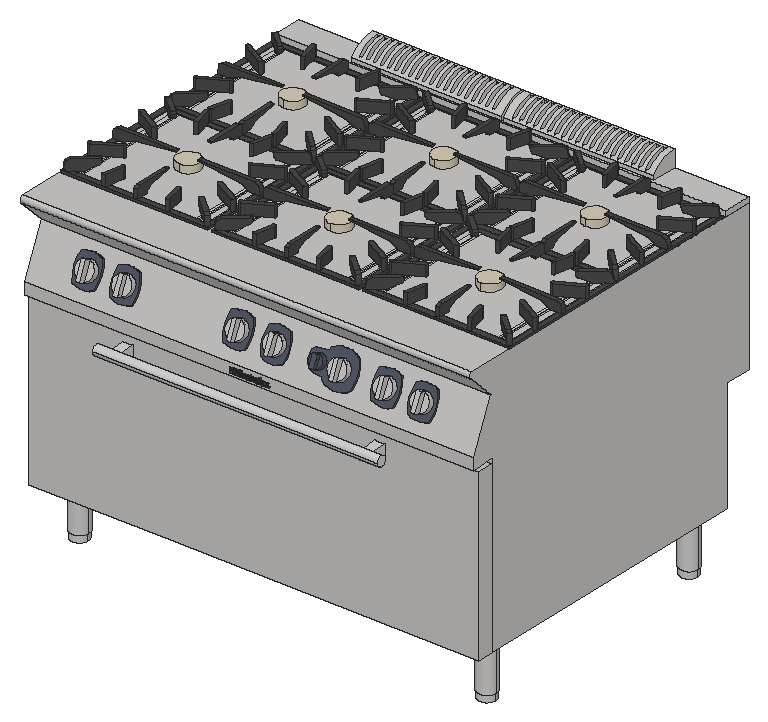
Revit family "QF_ELECTROLUXPROFESSIONAL_391466_E9AAOABJMIE", category Attrezzature speciali, Revit 2018
Family settings
  Quota connettore circolare = Usa diametro
  Tipo di parte = Normale
  Basato su piano di lavoro = No
  Sempre verticale = Sì
  Taglio con vuoti quando caricato = No
  Condiviso = No
  Punto di calcolo locali = No
Parameters (values of type "Standard")
  Weight = 200.00 kg
  Watts = 0 W
  Volts = 0 V
  URL Manufacturer = "https://www.electroluxprofessional.com/"
  URL = "https://www.electroluxprofessional.com/"
  Steam Supply Size = 0"
  Steam Supply Minimum Pressure = 0.00 psi
  Steam Supply Maximum Pressure = 0.00 psi
  Steam Consumption per Hour = 0
  Show Logo [instance] = yes
  Show Clearance [instance] = yes
  Refrigeration Suction Line Size = 0 mm
  Refrigeration Liquid Line Size = 0 mm
  Refrigerant Compressor Remote = yes
  Phase = 0
  Modello = "E9AAOABJMIE"
  Produttore = "Electrolux Professional"
  Length Actual = 1200 mm  # constant formula
  Item Number = "391466"
  Hot Water Size = 0"
  Height Actual = 850 mm  # constant formula
  HP = "0 HP"
  Gas Size = 1/2"
  Gas KW = 72
  Gas Input Pressure = 1.45819 Btu/h
  Direct Waste Size = 0"
  Descrizione = "6-BURNER (10KW) GAS RANGE+LARGE GAS OVEN 1200MM - 3MM WORKTOP"
  Depth Actual = 930 mm  # constant formula
  Cycle = 0 Hz
  Condensate Return Size = 0"
  Compressed Air Volume = 0 GPM
  Compressed Air Size = 0"
  Compressed Air Pressure = 0.00 psi
  Cold Water Size = 0"
  Assembly Code = ""
  Accessory = yes
Values of the unnamed type that differ from the named types
  Weight = 0.00 kg
  URL Manufacturer = ""
  Item Number = ""
  HP = ""
  Gas KW = 0
  Gas Input Pressure = 0.0 Btu/h
Reference planes
  plane 1 "BACK": y = 0
  plane 2: z = 0
  plane 3 "LEFT": x = 0
  plane 4 "RIGHT": x = 1200
  plane 5 "FRONT": y = -700
  plane 6 "TOP": z = 909
  plane 7 "Center Y": x = 600
  plane 8 "Center X": y = -350
  plane 9 "Base": z = 150
  plane 10: z = 850.9
  plane 11: y = -930
  plane 12: y = -1109
  plane 13: y = -128
  plane 14: y = -802
  plane 15: y = -1310
  plane 16: y = -666
  plane 17: x = 56
  plane 18: x = 1144
Forms (mm)
  Extrusion 1, solid, material "QF_Finishes_Stainless Steel"
    sketch origin (0, 0, 0) x (0, 1, 0) y (0, 0, 1)
      loop
        line (0, 450) -> (0, 850.9) -> (-921.37, 850.9)
        arc (-921.37, 850.9) -> (-929.343, 845.573) -> (-927.472, 836.168) r 8.63
        line (-927.472, 836.168) -> (-858.266, 766.833) -> (-915.833, 641.476) -> (-915.833, 610.179) -> (-855.839, 614.875)
        arc (-855.839, 614.875) -> (-853.314, 614.127) -> (-852.222, 611.731) r 3.175
        line (-852.222, 611.731) -> (-852.222, 150) -> (-71, 150) -> (-71, 450) -> (0, 450)
    from 0 to 1200
  Extrusion 2, solid, material "QF_Finishes_Stainless Steel"
    sketch origin (0, -852.222, 611.731) x (0, 0, -1) y (1, 0, 0)
      loop
        line (461.731, 363.774) -> (461.731, 1200) -> (9.61, 1200) -> (9.61, 378.321) -> (9.61, 0) -> (461.731, 0) -> (461.731, 363.774)
    from 3.175 to 47.778
  Extrusion 3, solid, material "QF_Finishes_Stainless Steel"
    sketch origin (0, 0, 0) x (0, -1, 0) y (0, 0, 1)
      loop
        line (0, 850.9) -> (76.2, 850.9) -> (76.2, 865.188) -> (0, 865.188) -> (0, 850.9)
    from 0 to -1200
  Extrusion 4, solid, material "QF_Finishes_Stainless Steel"
    sketch origin (0, -852.222, 150) x (1, 0, 0) y (0, -1, 0)
      loop
        circle (1148, -186.222) r 6.4
    from 0 to 21
  Extrusion 5, solid, material "QF_Door-Drawer Clearances", visible <- "Show Clearance", detail levels coarse
    sketch origin (0, -200, 0) x (0, 1, 0) y (0, 0, 1)
      loop
        line (-1110, 150) -> (-700, 150) -> (-700, 602.41)
        arc (-700, 602.41) -> (-992.25, 455.276) -> (-1110, 150) r 454.603
    from 0 to 1200
  Extrusion 6, solid, material "QF_Clearances", visible <- "Show Clearance", detail levels coarse
    sketch origin (0, -200, 0) x (1, 0, 0) y (0, 1, 0)
      loop
        line (-100, -730) -> (0, -730) -> (0, 200) -> (1200, 200) -> (1200, -730) -> (1300, -730) -> (1300, 300) -> (-100, 300) -> (-100, -730)
    from 0 to 908.85
  Extrusion 7, solid, material "QF_Finishes_Handrails and Railings"
    sketch origin (200, -200, 0) x (0, 1, 0) y (0, 0, 1)
      loop
        line (-700, 580.001) -> (-738.549, 577.296)
        arc (-738.549, 577.296) -> (-739.742, 563.489) -> (-752.852, 558.993) r 12.7
        arc (-752.852, 558.993) -> (-752.311, 558.176) -> (-751.712, 557.401) r 13.441
        arc (-751.712, 557.401) -> (-749.907, 555.955) -> (-747.68, 555.335) r 5.77
        line (-747.68, 555.335) -> (-700, 551.992) -> (-700, 580.001)
    from 50.8 to 76.2
  Extrusion 8, solid, material "QF_Finishes_Handrails and Railings"
    sketch origin (1000, -200, 0) x (0, 1, 0) y (0, 0, -1)
      loop
        line (-700, -580.001) -> (-700, -551.992) -> (-747.68, -555.335)
        arc (-747.68, -555.335) -> (-749.907, -555.955) -> (-751.712, -557.401) r 5.77
        arc (-751.712, -557.401) -> (-752.311, -558.176) -> (-752.852, -558.993) r 13.441
        arc (-752.852, -558.993) -> (-739.742, -563.489) -> (-738.549, -577.296) r 12.7
        line (-738.549, -577.296) -> (-700, -580.001)
    from 50.8 to 76.2
  Extrusion 9, solid, material "QF_Finishes_Handrails and Railings"
    sketch origin (200, -200, 0) x (0, 1, 0) y (0, 0, 1)
      loop
        circle (-749.749, 571.309) r 12.7
    from 19.875 to 780.125
  Extrusion 10, solid, material "QF_Finishes_Navy Blue"
    sketch origin (405.244, -913.772, 646.186) x (0, 0.418102, 0.9084) y (-1, 0, 0)
      loop
        arc (102.623, -510.47) -> (67.041, -502.846) -> (31.333, -509.853) r 90.5
        arc (31.333, -509.853) -> (24.507, -539.04) -> (31.333, -568.228) r 65.817
        arc (31.333, -568.228) -> (67.04, -575.188) -> (102.623, -567.615) r 91.066
        arc (102.623, -567.615) -> (109.179, -539.043) -> (102.623, -510.47) r 65.546
    from 0 to 3.175
  Extrusion 11, solid, material "QF_Finishes_Stainless Steel"
    sketch origin (783.994, -917.485, 645.711) x (0, 0.418102, 0.9084) y (-1, 0, 0)
      loop
        circle (68.826, -160.963) r 25.4
    from 0 to 12.7
  Extrusion 12, solid, material "QF_Finishes_Stainless Steel"
    sketch origin (783.994, -929.022, 651.021) x (0, 0.418102, 0.9084) y (-1, 0, 0)
      loop
        arc (93.558, -166.749) -> (94.226, -160.963) -> (93.558, -155.177) r 25.4
        line (93.558, -155.177) -> (44.094, -155.177)
        arc (44.094, -155.177) -> (43.426, -160.963) -> (44.094, -166.749) r 25.4
        line (44.094, -166.749) -> (93.558, -166.749)
    from 0 to 12.7
  Extrusion 13, solid, material "QF_Finishes_Navy Blue"
    sketch origin (282.787, -913.772, 646.186) x (0, 0.418102, 0.9084) y (-1, 0, 0)
      loop
        arc (104.355, -502.587) -> (101.326, -501.258) -> (98.25, -500.039) r 91.066
        arc (98.25, -500.039) -> (96.592, -482.449) -> (93.213, -465.107) r 179.528
        arc (93.213, -465.107) -> (69.244, -452.795) -> (45.274, -465.107) r 29.489
        arc (45.274, -465.107) -> (38.909, -481.441) -> (37.449, -498.912) r 61.044
        arc (37.449, -498.912) -> (34.471, -499.962) -> (31.532, -501.116) r 91.066
        arc (31.532, -501.116) -> (19.517, -540.223) -> (32.929, -578.873) r 65.817
        arc (32.929, -578.873) -> (68.105, -585.173) -> (102.996, -577.452) r 91.066
        arc (102.996, -577.452) -> (115.418, -540.233) -> (104.355, -502.587) r 65.546
    from 0 to 3.175
  Extrusion 14, solid, material "QF_Finishes_Stainless Steel"
    sketch origin (661.537, -917.485, 645.711) x (0, 0.418102, 0.9084) y (-1, 0, 0)
      loop
        circle (68.826, -160.963) r 25.4
    from 0 to 12.7
  Extrusion 15, solid, material "QF_Finishes_Stainless Steel"
    sketch origin (661.537, -929.022, 651.021) x (0, 0.418102, 0.9084) y (-1, 0, 0)
      loop
        arc (93.558, -166.749) -> (94.226, -160.963) -> (93.558, -155.177) r 25.4
        line (93.558, -155.177) -> (44.094, -155.177)
        arc (44.094, -155.177) -> (43.426, -160.963) -> (44.094, -166.749) r 25.4
        line (44.094, -166.749) -> (93.558, -166.749)
    from 0 to 12.7
  Extrusion 16, solid, material "QF_Finishes_Navy Blue"
    sketch origin (604.037, -917.485, 645.711) x (0, 0.418102, 0.9084) y (-1, 0, 0)
      loop
        circle (68.826, -160.963) r 18.37
    from 0 to 12.7
  Extrusion 17, solid, material "QF_Finishes_Navy Blue"
    sketch origin (602.746, -929.022, 651.021) x (0, 0.418102, 0.9084) y (-1, 0, 0)
      loop
        arc (84.808, -167.687) -> (85.476, -161.901) -> (84.808, -156.114) r 25.4
        line (84.808, -156.114) -> (52.844, -156.114)
        arc (52.844, -156.114) -> (52.176, -161.901) -> (52.844, -167.687) r 25.4
        line (52.844, -167.687) -> (84.808, -167.687)
    from 0 to 8.112
  Extrusion 18, solid, material "QF_Finishes_Navy Blue"
    sketch origin (-392.256, -913.772, 646.186) x (0, 0.418102, 0.9084) y (-1, 0, 0)
      loop
        arc (102.623, -510.47) -> (67.041, -502.846) -> (31.333, -509.853) r 90.5
        arc (31.333, -509.853) -> (24.507, -539.04) -> (31.333, -568.228) r 65.817
        arc (31.333, -568.228) -> (67.04, -575.188) -> (102.623, -567.615) r 91.066
        arc (102.623, -567.615) -> (109.179, -539.043) -> (102.623, -510.47) r 65.546
    from 0 to 3.175
  Extrusion 19, solid, material "QF_Finishes_Stainless Steel"
    sketch origin (-13.506, -917.485, 645.711) x (0, 0.418102, 0.9084) y (-1, 0, 0)
      loop
        circle (68.826, -160.963) r 25.4
    from 0 to 12.7
  Extrusion 20, solid, material "QF_Finishes_Stainless Steel"
    sketch origin (-13.506, -929.022, 651.021) x (0, 0.418102, 0.9084) y (-1, 0, 0)
      loop
        arc (93.558, -166.749) -> (94.226, -160.963) -> (93.558, -155.177) r 25.4
        line (93.558, -155.177) -> (44.094, -155.177)
        arc (44.094, -155.177) -> (43.426, -160.963) -> (44.094, -166.749) r 25.4
        line (44.094, -166.749) -> (93.558, -166.749)
    from 0 to 12.7
  Extrusion 21, solid, material "QF_Finishes_Navy Blue"
    sketch origin (-292.256, -913.772, 646.186) x (0, 0.418102, 0.9084) y (-1, 0, 0)
      loop
        arc (102.623, -510.47) -> (67.041, -502.846) -> (31.333, -509.853) r 90.5
        arc (31.333, -509.853) -> (24.507, -539.04) -> (31.333, -568.228) r 65.817
        arc (31.333, -568.228) -> (67.04, -575.188) -> (102.623, -567.615) r 91.066
        arc (102.623, -567.615) -> (109.179, -539.043) -> (102.623, -510.47) r 65.546
    from 0 to 3.175
  Extrusion 22, solid, material "QF_Finishes_Stainless Steel"
    sketch origin (86.494, -917.485, 645.711) x (0, 0.418102, 0.9084) y (-1, 0, 0)
      loop
        circle (68.826, -160.963) r 25.4
    from 0 to 12.7
  Extrusion 23, solid, material "QF_Finishes_Stainless Steel"
    sketch origin (86.494, -929.022, 651.021) x (0, 0.418102, 0.9084) y (-1, 0, 0)
      loop
        arc (93.558, -166.749) -> (94.226, -160.963) -> (93.558, -155.177) r 25.4
        line (93.558, -155.177) -> (44.094, -155.177)
        arc (44.094, -155.177) -> (43.426, -160.963) -> (44.094, -166.749) r 25.4
        line (44.094, -166.749) -> (93.558, -166.749)
    from 0 to 12.7
  Extrusion 24, solid, material "QF_Finishes_Stainless Steel"
    sketch origin (202.4, -200, 590.5) x (0, 1, 0) y (0, 0, 1)
      loop
        line (200, 274.688) -> (200, 318.5)
        arc (200, 318.5) -> (160.905, 309.851) -> (130.15, 284.212) r 84.706
        line (130.15, 284.212) -> (130.15, 274.688) -> (200, 274.688)
    from 400 to 800
  Extrusion 25, solid, material "QF_Finishes_Navy Blue"
    sketch origin (502.744, -913.772, 646.186) x (0, 0.418102, 0.9084) y (-1, 0, 0)
      loop
        arc (102.623, -510.47) -> (67.041, -502.846) -> (31.333, -509.853) r 90.5
        arc (31.333, -509.853) -> (24.507, -539.04) -> (31.333, -568.228) r 65.817
        arc (31.333, -568.228) -> (67.04, -575.188) -> (102.623, -567.615) r 91.066
        arc (102.623, -567.615) -> (109.179, -539.043) -> (102.623, -510.47) r 65.546
    from 0 to 3.175
  Extrusion 26, solid, material "QF_Finishes_Stainless Steel"
    sketch origin (881.494, -917.485, 645.711) x (0, 0.418102, 0.9084) y (-1, 0, 0)
      loop
        circle (68.826, -160.963) r 25.4
    from 0 to 12.7
  Extrusion 27, solid, material "QF_Finishes_Stainless Steel"
    sketch origin (881.494, -929.022, 651.021) x (0, 0.418102, 0.9084) y (-1, 0, 0)
      loop
        arc (93.558, -166.749) -> (94.226, -160.963) -> (93.558, -155.177) r 25.4
        line (93.558, -155.177) -> (44.094, -155.177)
        arc (44.094, -155.177) -> (43.426, -160.963) -> (44.094, -166.749) r 25.4
        line (44.094, -166.749) -> (93.558, -166.749)
    from 0 to 12.7
  Extrusion 28, solid, material "QF_Finishes_Navy Blue"
    sketch origin (10.244, -913.772, 646.186) x (0, 0.418102, 0.9084) y (-1, 0, 0)
      loop
        arc (102.623, -510.47) -> (67.041, -502.846) -> (31.333, -509.853) r 90.5
        arc (31.333, -509.853) -> (24.507, -539.04) -> (31.333, -568.228) r 65.817
        arc (31.333, -568.228) -> (67.04, -575.188) -> (102.623, -567.615) r 91.066
        arc (102.623, -567.615) -> (109.179, -539.043) -> (102.623, -510.47) r 65.546
    from 0 to 3.175
  Extrusion 29, solid, material "QF_Finishes_Stainless Steel"
    sketch origin (388.994, -917.485, 645.711) x (0, 0.418102, 0.9084) y (-1, 0, 0)
      loop
        circle (68.826, -160.963) r 25.4
    from 0 to 12.7
  Extrusion 30, solid, material "QF_Finishes_Stainless Steel"
    sketch origin (388.994, -929.022, 651.021) x (0, 0.418102, 0.9084) y (-1, 0, 0)
      loop
        arc (93.558, -166.749) -> (94.226, -160.963) -> (93.558, -155.177) r 25.4
        line (93.558, -155.177) -> (44.094, -155.177)
        arc (44.094, -155.177) -> (43.426, -160.963) -> (44.094, -166.749) r 25.4
        line (44.094, -166.749) -> (93.558, -166.749)
    from 0 to 12.7
  Extrusion 31, solid, material "QF_Finishes_Navy Blue"
    sketch origin (110.244, -913.772, 646.186) x (0, 0.418102, 0.9084) y (-1, 0, 0)
      loop
        arc (102.623, -510.47) -> (67.041, -502.846) -> (31.333, -509.853) r 90.5
        arc (31.333, -509.853) -> (24.507, -539.04) -> (31.333, -568.228) r 65.817
        arc (31.333, -568.228) -> (67.04, -575.188) -> (102.623, -567.615) r 91.066
        arc (102.623, -567.615) -> (109.179, -539.043) -> (102.623, -510.47) r 65.546
    from 0 to 3.175
  Extrusion 32, solid, material "QF_Finishes_Stainless Steel"
    sketch origin (488.994, -917.485, 645.711) x (0, 0.418102, 0.9084) y (-1, 0, 0)
      loop
        circle (68.826, -160.963) r 25.4
    from 0 to 12.7
  Extrusion 33, solid, material "QF_Finishes_Stainless Steel"
    sketch origin (488.994, -929.022, 651.021) x (0, 0.418102, 0.9084) y (-1, 0, 0)
      loop
        arc (93.558, -166.749) -> (94.226, -160.963) -> (93.558, -155.177) r 25.4
        line (93.558, -155.177) -> (44.094, -155.177)
        arc (44.094, -155.177) -> (43.426, -160.963) -> (44.094, -166.749) r 25.4
        line (44.094, -166.749) -> (93.558, -166.749)
    from 0 to 12.7
  Extrusion 34, solid, material "QF_Finishes_Navy Blue", visible <- "Show Logo"
    sketch origin (261.109, -915.962, 610.773) x (0, 0, 1) y (-1, 0, 0)
      loop
        line (20.674, -296.698) -> (8.307, -296.698)
        arc (8.307, -296.698) -> (14.491, -301.27) -> (20.674, -296.698) r 6.467
      loop
        arc (20.674, -296.069) -> (19.505, -290.926) -> (14.849, -288.448) r 6.338
        line (14.849, -288.448) -> (14.849, -290.494)
        arc (14.849, -290.494) -> (16.333, -294.149) -> (19.778, -296.069) r 5.941
        line (19.778, -296.069) -> (20.674, -296.069)
      loop
        arc (9.203, -296.069) -> (12.648, -294.149) -> (14.132, -290.494) r 5.941
        line (14.132, -290.494) -> (14.132, -288.448)
        arc (14.132, -288.448) -> (9.438, -290.922) -> (8.148, -296.069) r 6.504
        line (8.148, -296.069) -> (9.203, -296.069)
      loop
        line (21.349, -287.979) -> (7.604, -287.979) -> (7.604, -301.742) -> (21.349, -301.742) -> (21.349, -287.979)
      loop
        arc (21.432, -304.71) -> (21.085, -304.352) -> (20.718, -304.69) r 0.358
        arc (20.718, -304.69) -> (20.404, -305.44) -> (19.687, -305.825) r 1.216
        line (19.687, -305.825) -> (9.274, -305.825)
        arc (9.274, -305.825) -> (8.614, -305.548) -> (8.218, -304.951) r 1.238
        arc (8.218, -304.951) -> (7.823, -304.7) -> (7.518, -305.054) r 0.358
        line (7.518, -305.054) -> (7.518, -314.933) -> (10.269, -314.933) -> (10.269, -314.036)
        arc (10.269, -314.036) -> (9.36, -313.456) -> (8.904, -312.479) r 1.928
        line (8.904, -312.479) -> (8.904, -309.98)
        arc (8.904, -309.98) -> (9.18, -309.251) -> (9.868, -308.887) r 1.101
        line (9.868, -308.887) -> (13.955, -308.887) -> (13.955, -312.561)
        arc (13.955, -312.561) -> (13.602, -313.058) -> (13.037, -313.286) r 1.083
        arc (13.037, -313.286) -> (12.773, -313.591) -> (13.065, -313.869) r 0.292
        line (13.065, -313.869) -> (16.028, -313.869)
        arc (16.028, -313.869) -> (16.33, -313.596) -> (16.092, -313.266) r 0.305
        arc (16.092, -313.266) -> (15.601, -313.018) -> (15.296, -312.561) r 1.083
        line (15.296, -312.561) -> (15.296, -308.887) -> (19.973, -308.887) -> (19.973, -312.635)
        arc (19.973, -312.635) -> (19.759, -313.39) -> (19.153, -313.888) r 1.314
        arc (19.153, -313.888) -> (18.934, -314.292) -> (19.288, -314.585) r 0.361
        line (19.288, -314.585) -> (21.432, -314.585) -> (21.432, -304.71)
      loop
        arc (20.715, -315.365) -> (20.335, -316.284) -> (19.416, -316.664) r 1.299
        line (19.416, -316.664) -> (9.837, -316.664)
        arc (9.837, -316.664) -> (8.999, -316.286) -> (8.728, -315.408) r 1.118
        line (8.728, -315.408) -> (7.518, -315.408) -> (7.518, -320.758) -> (8.706, -320.758)
        arc (8.706, -320.758) -> (8.978, -319.841) -> (9.848, -319.445) r 1.153
        line (9.848, -319.445) -> (21.92, -319.445) -> (20.715, -315.365)
      loop
        line (12.483, -323.394) -> (12.483, -329.842) -> (13.282, -329.842)
        arc (13.282, -329.842) -> (15.862, -328.857) -> (17.131, -326.404) r 3.874
        line (17.131, -326.404) -> (17.131, -324.643)
        arc (17.131, -324.643) -> (15.944, -321.778) -> (13.08, -320.592) r 4.051
        line (13.08, -320.592) -> (11.072, -320.592)
        arc (11.072, -320.592) -> (8.253, -322.077) -> (7.202, -325.084) r 4.352
        arc (7.202, -325.084) -> (7.566, -327.547) -> (8.943, -329.621) r 5.713
        line (8.943, -329.621) -> (9.892, -329.621)
        arc (9.892, -329.621) -> (9.16, -328.052) -> (8.943, -326.334) r 5.579
        arc (8.943, -326.334) -> (9.737, -324.371) -> (11.616, -323.394) r 3.057
        line (11.616, -323.394) -> (12.483, -323.394)
      loop
        line (13.742, -323.394) -> (13.742, -326.977)
        arc (13.742, -326.977) -> (15.199, -327.024) -> (16.082, -325.864) r 1.59
        line (16.082, -325.864) -> (16.082, -325.034)
        arc (16.082, -325.034) -> (15.217, -323.779) -> (13.742, -323.394) r 2.184
      loop
        arc (16.533, -339.259) -> (17.022, -337.585) -> (17.179, -335.848) r 9.023
        line (17.179, -335.848) -> (17.179, -334.486)
        arc (17.179, -334.486) -> (16.02, -331.686) -> (13.22, -330.527) r 3.959
        line (13.22, -330.527) -> (10.62, -330.527)
        arc (10.62, -330.527) -> (8.338, -331.819) -> (7.221, -334.192) r 4.331
        line (7.221, -334.192) -> (7.221, -336.327)
        arc (7.221, -336.327) -> (7.729, -337.877) -> (8.651, -339.223) r 5.772
        arc (8.651, -339.223) -> (9.412, -339.274) -> (9.499, -338.515) r 0.553
        arc (9.499, -338.515) -> (9.111, -337.781) -> (8.977, -336.962) r 2.573
        line (8.977, -336.962) -> (8.977, -335.447)
        arc (8.977, -335.447) -> (9.983, -333.806) -> (11.798, -333.163) r 2.884
        line (11.798, -333.163) -> (13.077, -333.163)
        arc (13.077, -333.163) -> (14.898, -333.723) -> (15.824, -335.388) r 2.554
        line (15.824, -335.388) -> (15.824, -336.441)
        arc (15.824, -336.441) -> (15.493, -337.369) -> (14.836, -338.104) r 2.564
        arc (14.836, -338.104) -> (14.614, -338.821) -> (15.223, -339.259) r 0.643
        line (15.223, -339.259) -> (16.533, -339.259)
      loop
        line (15.515, -339.53) -> (15.515, -341.031) -> (9.467, -341.031)
        arc (9.467, -341.031) -> (7.879, -341.688) -> (7.221, -343.276) r 2.246
        line (7.221, -343.276) -> (7.221, -344.86)
        arc (7.221, -344.86) -> (7.535, -345.725) -> (8.035, -346.496) r 4.06
        arc (8.035, -346.496) -> (8.768, -346.629) -> (9.019, -345.928) r 0.576
        arc (9.019, -345.928) -> (8.913, -345.403) -> (8.977, -344.87) r 1.69
        arc (8.977, -344.87) -> (9.519, -344.082) -> (10.425, -343.779) r 1.506
        line (10.425, -343.779) -> (15.563, -343.779) -> (15.563, -346.176) -> (16.119, -346.733) -> (16.941, -346.733) -> (16.941, -343.873) -> (20.172, -343.873) -> (15.515, -339.53)
      loop
        line (7.438, -347.63) -> (7.438, -353.017) -> (8.548, -353.017)
        arc (8.548, -353.017) -> (8.942, -352.066) -> (9.893, -351.672) r 1.345
        line (9.893, -351.672) -> (13.509, -351.672)
        arc (13.509, -351.672) -> (14.274, -352.264) -> (14.564, -353.186) r 1.615
        line (14.564, -353.186) -> (14.564, -354.742) -> (17.119, -355.427) -> (17.119, -354.044) -> (15.177, -351.485) -> (17.057, -351.485) -> (16.773, -348.779)
        arc (16.773, -348.779) -> (16.333, -348.249) -> (15.674, -348.45) r 0.621
        arc (15.674, -348.45) -> (15.274, -348.792) -> (14.78, -348.975) r 1.501
        line (14.78, -348.975) -> (9.893, -348.975)
        arc (9.893, -348.975) -> (8.942, -348.581) -> (8.548, -347.63) r 1.345
        line (8.548, -347.63) -> (7.438, -347.63)
      loop
        line (13.54, -354.964) -> (10.848, -354.964)
        arc (10.848, -354.964) -> (8.403, -356.272) -> (7.269, -358.803) r 4.288
        arc (7.269, -358.803) -> (7.205, -360.183) -> (7.269, -361.563) r 15.022
        arc (7.269, -361.563) -> (8.403, -364.094) -> (10.848, -365.401) r 4.288
        line (10.848, -365.401) -> (13.54, -365.401)
        arc (13.54, -365.401) -> (15.986, -364.094) -> (17.119, -361.563) r 4.288
        arc (17.119, -361.563) -> (17.183, -360.183) -> (17.119, -358.803) r 15.022
        arc (17.119, -358.803) -> (15.986, -356.272) -> (13.54, -354.964) r 4.288
      loop
        line (13.745, -358.078) -> (10.643, -358.078)
        arc (10.643, -358.078) -> (8.486, -360.235) -> (10.643, -362.392) r 2.157
        line (10.643, -362.392) -> (13.745, -362.392)
        arc (13.745, -362.392) -> (15.902, -360.235) -> (13.745, -358.078) r 2.157
      loop
        arc (20.726, -365.26) -> (20.355, -366.154) -> (19.461, -366.524) r 1.264
        line (19.461, -366.524) -> (9.597, -366.524)
        arc (9.597, -366.524) -> (8.727, -366.127) -> (8.455, -365.211) r 1.153
        line (8.455, -365.211) -> (7.518, -365.211) -> (7.518, -370.319) -> (8.446, -370.319)
        arc (8.446, -370.319) -> (8.805, -369.547) -> (9.597, -369.232) r 1.153
        line (9.597, -369.232) -> (21.92, -369.232) -> (20.726, -365.26)
      loop
        arc (15.846, -369.857) -> (15.647, -370.921) -> (14.678, -371.403) r 1.215
        line (14.678, -371.403) -> (9.658, -371.403)
        arc (9.658, -371.403) -> (8.043, -372.051) -> (7.322, -373.634) r 2.338
        line (7.322, -373.634) -> (7.322, -375.148)
        arc (7.322, -375.148) -> (7.497, -376.152) -> (7.999, -377.038) r 2.979
        line (7.999, -377.038) -> (7.518, -378.835) -> (7.518, -380.524) -> (16.943, -380.524) -> (16.649, -376.32) -> (15.863, -376.32)
        arc (15.863, -376.32) -> (15.507, -377.156) -> (14.755, -377.665) r 1.605
        line (14.755, -377.665) -> (9.652, -377.665)
        arc (9.652, -377.665) -> (9.232, -376.728) -> (9.159, -375.704) r 2.94
        arc (9.159, -375.704) -> (9.72, -374.603) -> (10.873, -374.16) r 1.724
        line (10.873, -374.16) -> (17.07, -374.16) -> (15.846, -369.857)
      loop
        line (16.874, -381.377) -> (15.202, -383.423) -> (12.028, -385.729) -> (8.572, -382.617)
        arc (8.572, -382.617) -> (8.335, -382.223) -> (8.357, -381.764) r 0.789
        line (8.357, -381.764) -> (7.518, -381.764) -> (7.518, -385.309) -> (8.344, -385.309)
        arc (8.344, -385.309) -> (8.686, -384.947) -> (9.176, -385.039) r 0.52
        line (9.176, -385.039) -> (10.976, -386.51) -> (8.858, -387.886)
        arc (8.858, -387.886) -> (8.457, -387.576) -> (8.37, -387.076) r 0.7
        line (8.37, -387.076) -> (7.518, -387.076) -> (7.518, -393.003) -> (8.405, -393.003)
        arc (8.405, -393.003) -> (8.472, -392.344) -> (8.866, -391.813) r 1.247
        line (8.866, -391.813) -> (13.066, -388.532) -> (15.513, -390.585) -> (16.874, -392.327) -> (16.874, -388.604) -> (15.389, -389.026) -> (13.868, -387.749) -> (15.568, -386.559) -> (16.874, -387.336) -> (16.874, -381.377)
    from 0 to 1.644
  Revolve 35, solid, material "QF_Finishes_Stainless Steel"
    sketch origin (799, -128, 0) x (-1, 0, 0) y (0, 0, -1)
      loop
        line (-345, 0) -> (-367.9, 0) -> (-367.9, -19.05) -> (-370.4, -19.05) -> (-370.4, -150) -> (-345, -150) -> (-345, 0)
      axis (-345, 0) -> (-345, -150)
    angle from 0 to 360
  Revolve 36, solid, material "QF_Finishes_Stainless Steel"
    sketch origin (799, -802, 0) x (-1, 0, 0) y (0, 0, -1)
      loop
        line (-345, 0) -> (-367.9, 0) -> (-367.9, -19.05) -> (-370.4, -19.05) -> (-370.4, -150) -> (-345, -150) -> (-345, 0)
      axis (-345, 0) -> (-345, -150)
    angle from 0 to 360
  Extrusion 37, solid, material "QF_Finishes_Stainless Steel"
    sketch origin (0, -852.222, 150) x (1, 0, 0) y (0, -1, 0)
      loop
        circle (1157, -276.222) r 12.7
    from 0 to 5
  Extrusion 38, void
    sketch origin (-62.611, 0, 865.138) x (-1, 0, 0) y (0, -1, 0)
      loop
        line (-695.005, 6.761) -> (-685.709, 6.761) -> (-685.709, 63.911) -> (-695.005, 63.911) -> (-695.005, 6.761)
      loop
        line (-713.697, 6.761) -> (-704.401, 6.761) -> (-704.401, 63.911) -> (-713.697, 63.911) -> (-713.697, 6.761)
      loop
        line (-732.39, 6.761) -> (-723.094, 6.761) -> (-723.094, 63.911) -> (-732.39, 63.911) -> (-732.39, 6.761)
      loop
        line (-751.082, 6.761) -> (-741.787, 6.761) -> (-741.787, 63.911) -> (-751.082, 63.911) -> (-751.082, 6.761)
      loop
        line (-769.775, 6.761) -> (-760.479, 6.761) -> (-760.479, 63.911) -> (-769.775, 63.911) -> (-769.775, 6.761)
      loop
        line (-788.468, 6.761) -> (-779.172, 6.761) -> (-779.172, 63.911) -> (-788.468, 63.911) -> (-788.468, 6.761)
      loop
        line (-807.16, 6.761) -> (-797.864, 6.761) -> (-797.864, 63.911) -> (-807.16, 63.911) -> (-807.16, 6.761)
      loop
        line (-825.853, 6.761) -> (-816.557, 6.761) -> (-816.557, 63.911) -> (-825.853, 63.911) -> (-825.853, 6.761)
      loop
        line (-844.545, 6.761) -> (-835.25, 6.761) -> (-835.25, 63.911) -> (-844.545, 63.911) -> (-844.545, 6.761)
      loop
        line (-863.238, 6.761) -> (-853.942, 6.761) -> (-853.942, 63.911) -> (-863.238, 63.911) -> (-863.238, 6.761)
      loop
        line (-881.931, 6.761) -> (-872.635, 6.761) -> (-872.635, 63.911) -> (-881.931, 63.911) -> (-881.931, 6.761)
      loop
        line (-900.623, 6.761) -> (-891.328, 6.761) -> (-891.328, 63.911) -> (-900.623, 63.911) -> (-900.623, 6.761)
      loop
        line (-919.316, 6.761) -> (-910.02, 6.761) -> (-910.02, 63.911) -> (-919.316, 63.911) -> (-919.316, 6.761)
      loop
        line (-938.008, 6.761) -> (-928.713, 6.761) -> (-928.713, 63.911) -> (-938.008, 63.911) -> (-938.008, 6.761)
      loop
        line (-956.701, 6.761) -> (-947.405, 6.761) -> (-947.405, 63.911) -> (-956.701, 63.911) -> (-956.701, 6.761)
      loop
        line (-975.394, 6.761) -> (-966.098, 6.761) -> (-966.098, 63.911) -> (-975.394, 63.911) -> (-975.394, 6.761)
      loop
        line (-994.086, 6.761) -> (-984.791, 6.761) -> (-984.791, 63.911) -> (-994.086, 63.911) -> (-994.086, 6.761)
      loop
        line (-1012.779, 6.761) -> (-1003.483, 6.761) -> (-1003.483, 63.911) -> (-1012.779, 63.911) -> (-1012.779, 6.761)
      loop
        line (-1031.472, 6.761) -> (-1022.176, 6.761) -> (-1022.176, 63.911) -> (-1031.472, 63.911) -> (-1031.472, 6.761)
      loop
        line (-1050.164, 6.761) -> (-1040.868, 6.761) -> (-1040.868, 63.911) -> (-1050.164, 63.911) -> (-1050.164, 6.761)
    from 9.525 to 45.348
  Revolve 39, solid, material "QF_Finishes_Stainless Steel"
    sketch origin (1, -128, 0) x (1, 0, 0) y (0, 0, 1)
      loop
        line (55, 0) -> (55, 150) -> (29.6, 150) -> (29.6, 19.05) -> (32.1, 19.05) -> (32.1, 0) -> (55, 0)
      axis (55, 0) -> (55, 150)
    angle from 0 to 360
  Revolve 40, solid, material "QF_Finishes_Stainless Steel"
    sketch origin (1, -802, 0) x (1, 0, 0) y (0, 0, 1)
      loop
        line (55, 0) -> (55, 150) -> (29.6, 150) -> (29.6, 19.05) -> (32.1, 19.05) -> (32.1, 0) -> (55, 0)
      axis (55, 0) -> (55, 150)
    angle from 0 to 360
  Extrusion 41, solid, material "QF_Finishes_Stainless Steel"
    sketch origin (997.6, -200, 590.5) x (0, 1, 0) y (0, 0, -1)
      loop
        line (200, -274.688) -> (130.15, -274.688) -> (130.15, -284.212)
        arc (130.15, -284.212) -> (160.905, -309.851) -> (200, -318.5) r 84.706
        line (200, -318.5) -> (200, -274.688)
    from 400 to 800
  Extrusion 42, void
    sketch origin (1262.611, 0, 865.138) x (1, 0, 0) y (0, 1, 0)
      loop
        line (-695.005, -6.761) -> (-695.005, -63.911) -> (-685.709, -63.911) -> (-685.709, -6.761) -> (-695.005, -6.761)
      loop
        line (-713.697, -6.761) -> (-713.697, -63.911) -> (-704.401, -63.911) -> (-704.401, -6.761) -> (-713.697, -6.761)
      loop
        line (-732.39, -6.761) -> (-732.39, -63.911) -> (-723.094, -63.911) -> (-723.094, -6.761) -> (-732.39, -6.761)
      loop
        line (-751.082, -6.761) -> (-751.082, -63.911) -> (-741.787, -63.911) -> (-741.787, -6.761) -> (-751.082, -6.761)
      loop
        line (-769.775, -6.761) -> (-769.775, -63.911) -> (-760.479, -63.911) -> (-760.479, -6.761) -> (-769.775, -6.761)
      loop
        line (-788.468, -6.761) -> (-788.468, -63.911) -> (-779.172, -63.911) -> (-779.172, -6.761) -> (-788.468, -6.761)
      loop
        line (-807.16, -6.761) -> (-807.16, -63.911) -> (-797.864, -63.911) -> (-797.864, -6.761) -> (-807.16, -6.761)
      loop
        line (-825.853, -6.761) -> (-825.853, -63.911) -> (-816.557, -63.911) -> (-816.557, -6.761) -> (-825.853, -6.761)
      loop
        line (-844.545, -6.761) -> (-844.545, -63.911) -> (-835.25, -63.911) -> (-835.25, -6.761) -> (-844.545, -6.761)
      loop
        line (-863.238, -6.761) -> (-863.238, -63.911) -> (-853.942, -63.911) -> (-853.942, -6.761) -> (-863.238, -6.761)
      loop
        line (-881.931, -6.761) -> (-881.931, -63.911) -> (-872.635, -63.911) -> (-872.635, -6.761) -> (-881.931, -6.761)
      loop
        line (-900.623, -6.761) -> (-900.623, -63.911) -> (-891.328, -63.911) -> (-891.328, -6.761) -> (-900.623, -6.761)
      loop
        line (-919.316, -6.761) -> (-919.316, -63.911) -> (-910.02, -63.911) -> (-910.02, -6.761) -> (-919.316, -6.761)
      loop
        line (-938.008, -6.761) -> (-938.008, -63.911) -> (-928.713, -63.911) -> (-928.713, -6.761) -> (-938.008, -6.761)
      loop
        line (-956.701, -6.761) -> (-956.701, -63.911) -> (-947.405, -63.911) -> (-947.405, -6.761) -> (-956.701, -6.761)
      loop
        line (-975.394, -6.761) -> (-975.394, -63.911) -> (-966.098, -63.911) -> (-966.098, -6.761) -> (-975.394, -6.761)
      loop
        line (-994.086, -6.761) -> (-994.086, -63.911) -> (-984.791, -63.911) -> (-984.791, -6.761) -> (-994.086, -6.761)
      loop
        line (-1012.779, -6.761) -> (-1012.779, -63.911) -> (-1003.483, -63.911) -> (-1003.483, -6.761) -> (-1012.779, -6.761)
      loop
        line (-1031.472, -6.761) -> (-1031.472, -63.911) -> (-1022.176, -63.911) -> (-1022.176, -6.761) -> (-1031.472, -6.761)
      loop
        line (-1050.164, -6.761) -> (-1050.164, -63.911) -> (-1040.868, -63.911) -> (-1040.868, -6.761) -> (-1050.164, -6.761)
    from 9.525 to 45.348
Cuts and joins
  Extrusion 38, Extrusion 42 cuts Extrusion 24
  Extrusion 42 cuts Extrusion 41
Lines and regions (mm)
  symbolic lines, style "QF_Door-Drawer Clearances"
    curve 1: line (0, -930, 150) -> (0, -1310, 150)
    curve 2: line (0, -1310, 150) -> (1200, -1310, 150)
    curve 3: line (1200, -1310, 150) -> (1200, -930, 150)
  symbolic lines
    curve 4: line (1200, -930, 150) -> (0, -930, 150)
    curve 5: line (0, 0, 150) -> (0, -930, 150)
    curve 6: line (1200, -930, 150) -> (1200, 0, 150)
    curve 7: line (0, 0, 150) -> (1200, 0, 150)
    curve 11: line (980.125, -962.449, 150) -> (219.875, -962.449, 150)
    curve 12: line (980.125, -937.049, 150) -> (980.125, -962.449, 150)
    curve 13: line (949.2, -938.549, 150) -> (949.2, -930, 150)
    curve 14: line (923.8, -938.549, 150) -> (923.8, -930, 150)
    curve 15: line (923.8, -938.549, 150) -> (949.2, -938.549, 150)
    curve 16: line (219.875, -937.049, 150) -> (250.8, -937.049, 150)
    curve 17: line (949.2, -937.049, 150) -> (980.125, -937.049, 150)
    curve 18: line (632.394, -6.761, 150) -> (632.394, -63.911, 150)
    curve 19: line (632.394, -63.911, 150) -> (623.098, -63.911, 150)
    curve 20: line (623.098, -63.911, 150) -> (623.098, -6.761, 150)
    curve 21: line (623.098, -6.761, 150) -> (632.394, -6.761, 150)
    curve 22: line (838.012, -6.761, 150) -> (838.012, -63.911, 150)
    curve 23: line (838.012, -63.911, 150) -> (828.717, -63.911, 150)
    curve 24: line (828.717, -63.911, 150) -> (828.717, -6.761, 150)
    curve 25: line (828.717, -6.761, 150) -> (838.012, -6.761, 150)
    curve 26: line (819.32, -6.761, 150) -> (819.32, -63.911, 150)
    curve 27: line (819.32, -63.911, 150) -> (810.024, -63.911, 150)
    curve 28: line (810.024, -63.911, 150) -> (810.024, -6.761, 150)
    curve 29: line (810.024, -6.761, 150) -> (819.32, -6.761, 150)
    curve 30: line (800.627, -6.761, 150) -> (800.627, -63.911, 150)
    curve 31: line (800.627, -63.911, 150) -> (791.331, -63.911, 150)
    curve 32: line (791.331, -63.911, 150) -> (791.331, -6.761, 150)
    curve 33: line (791.331, -6.761, 150) -> (800.627, -6.761, 150)
    curve 34: line (781.934, -6.761, 150) -> (781.934, -63.911, 150)
    curve 35: line (781.934, -63.911, 150) -> (772.639, -63.911, 150)
    curve 36: line (772.639, -63.911, 150) -> (772.639, -6.761, 150)
    curve 37: line (772.639, -6.761, 150) -> (781.934, -6.761, 150)
    curve 38: line (763.242, -6.761, 150) -> (763.242, -63.911, 150)
    curve 39: line (763.242, -63.911, 150) -> (753.946, -63.911, 150)
    curve 40: line (753.946, -63.911, 150) -> (753.946, -6.761, 150)
    curve 41: line (753.946, -6.761, 150) -> (763.242, -6.761, 150)
    curve 42: line (744.549, -6.761, 150) -> (744.549, -63.911, 150)
    curve 43: line (744.549, -63.911, 150) -> (735.253, -63.911, 150)
    curve 44: line (735.253, -63.911, 150) -> (735.253, -6.761, 150)
    curve 45: line (735.253, -6.761, 150) -> (744.549, -6.761, 150)
    curve 46: line (725.857, -6.761, 150) -> (725.857, -63.911, 150)
    curve 47: line (725.857, -63.911, 150) -> (716.561, -63.911, 150)
    curve 48: line (716.561, -63.911, 150) -> (716.561, -6.761, 150)
    curve 49: line (716.561, -6.761, 150) -> (725.857, -6.761, 150)
    curve 50: line (707.164, -6.761, 150) -> (707.164, -63.911, 150)
    curve 51: line (707.164, -63.911, 150) -> (697.868, -63.911, 150)
    curve 52: line (697.868, -63.911, 150) -> (697.868, -6.761, 150)
    curve 53: line (697.868, -6.761, 150) -> (707.164, -6.761, 150)
    curve 54: line (688.471, -6.761, 150) -> (688.471, -63.911, 150)
    curve 55: line (688.471, -63.911, 150) -> (679.176, -63.911, 150)
    curve 56: line (679.176, -63.911, 150) -> (679.176, -6.761, 150)
    curve 57: line (679.176, -6.761, 150) -> (688.471, -6.761, 150)
    curve 58: line (669.779, -6.761, 150) -> (669.779, -63.911, 150)
    curve 59: line (669.779, -63.911, 150) -> (660.483, -63.911, 150)
    curve 60: line (660.483, -63.911, 150) -> (660.483, -6.761, 150)
    curve 61: line (660.483, -6.761, 150) -> (669.779, -6.761, 150)
    curve 62: line (651.086, -6.761, 150) -> (651.086, -63.911, 150)
    curve 63: line (651.086, -63.911, 150) -> (641.79, -63.911, 150)
    curve 64: line (641.79, -63.911, 150) -> (641.79, -6.761, 150)
    curve 65: line (641.79, -6.761, 150) -> (651.086, -6.761, 150)
    curve 66: line (987.553, -6.761, 150) -> (987.553, -63.911, 150)
    curve 67: line (987.553, -63.911, 150) -> (978.257, -63.911, 150)
    curve 68: line (978.257, -63.911, 150) -> (978.257, -6.761, 150)
    curve 69: line (978.257, -6.761, 150) -> (987.553, -6.761, 150)
    curve 70: line (968.861, -6.761, 150) -> (968.861, -63.911, 150)
    curve 71: line (968.861, -63.911, 150) -> (959.565, -63.911, 150)
    curve 72: line (959.565, -63.911, 150) -> (959.565, -6.761, 150)
    curve 73: line (959.565, -6.761, 150) -> (968.861, -6.761, 150)
    curve 74: line (950.168, -6.761, 150) -> (950.168, -63.911, 150)
    curve 75: line (950.168, -63.911, 150) -> (940.872, -63.911, 150)
    curve 76: line (940.872, -63.911, 150) -> (940.872, -6.761, 150)
    curve 77: line (940.872, -6.761, 150) -> (950.168, -6.761, 150)
    curve 78: line (931.475, -6.761, 150) -> (931.475, -63.911, 150)
    curve 79: line (931.475, -63.911, 150) -> (922.18, -63.911, 150)
    curve 80: line (922.18, -63.911, 150) -> (922.18, -6.761, 150)
    curve 81: line (922.18, -6.761, 150) -> (931.475, -6.761, 150)
    curve 82: line (912.783, -6.761, 150) -> (912.783, -63.911, 150)
    curve 83: line (912.783, -63.911, 150) -> (903.487, -63.911, 150)
    curve 84: line (903.487, -63.911, 150) -> (903.487, -6.761, 150)
    curve 85: line (903.487, -6.761, 150) -> (912.783, -6.761, 150)
    curve 86: line (894.09, -6.761, 150) -> (894.09, -63.911, 150)
    curve 87: line (894.09, -63.911, 150) -> (884.794, -63.911, 150)
    curve 88: line (884.794, -63.911, 150) -> (884.794, -6.761, 150)
    curve 89: line (884.794, -6.761, 150) -> (894.09, -6.761, 150)
    curve 90: line (875.397, -6.761, 150) -> (875.397, -63.911, 150)
    curve 91: line (875.397, -63.911, 150) -> (866.102, -63.911, 150)
    curve 92: line (866.102, -63.911, 150) -> (866.102, -6.761, 150)
    curve 93: line (866.102, -6.761, 150) -> (875.397, -6.761, 150)
    curve 94: line (856.705, -6.761, 150) -> (856.705, -63.911, 150)
    curve 95: line (856.705, -63.911, 150) -> (847.409, -63.911, 150)
    curve 96: line (847.409, -63.911, 150) -> (847.409, -6.761, 150)
    curve 97: line (847.409, -6.761, 150) -> (856.705, -6.761, 150)
    curve 98: line (1002.4, -69.85, 150) -> (1002.4, 0, 150)
    curve 99: line (602.4, -69.85, 150) -> (602.4, 0, 150)
    curve 100: line (250.8, -938.549, 150) -> (250.8, -930, 150)
    curve 101: line (276.2, -930, 150) -> (276.2, -938.549, 150)
    curve 102: line (219.875, -937.049, 150) -> (250.8, -937.049, 150)
    curve 103: line (219.875, -962.449, 150) -> (219.875, -937.049, 150)
    curve 104: line (250.8, -938.549, 150) -> (276.2, -938.549, 150)
    curve 105: line (276.2, -937.049, 150) -> (923.8, -937.049, 150)
    curve 106: line (602.4, -69.85, 0) -> (1002.4, -69.85, 0)
    curve 107: line (0, -76.2, 0) -> (1200, -76.2, 0)
    curve 108: line (567.606, -6.761, 150) -> (567.606, -63.911, 150)
    curve 109: line (567.606, -63.911, 150) -> (576.902, -63.911, 150)
    curve 110: line (576.902, -63.911, 150) -> (576.902, -6.761, 150)
    curve 111: line (576.902, -6.761, 150) -> (567.606, -6.761, 150)
    curve 112: line (361.988, -6.761, 150) -> (361.988, -63.911, 150)
    curve 113: line (361.988, -63.911, 150) -> (371.283, -63.911, 150)
    curve 114: line (371.283, -63.911, 150) -> (371.283, -6.761, 150)
    curve 115: line (371.283, -6.761, 150) -> (361.988, -6.761, 150)
    curve 116: line (380.68, -6.761, 150) -> (380.68, -63.911, 150)
    curve 117: line (380.68, -63.911, 150) -> (389.976, -63.911, 150)
    curve 118: line (389.976, -63.911, 150) -> (389.976, -6.761, 150)
    curve 119: line (389.976, -6.761, 150) -> (380.68, -6.761, 150)
    curve 120: line (399.373, -6.761, 150) -> (399.373, -63.911, 150)
    curve 121: line (399.373, -63.911, 150) -> (408.669, -63.911, 150)
    curve 122: line (408.669, -63.911, 150) -> (408.669, -6.761, 150)
    curve 123: line (408.669, -6.761, 150) -> (399.373, -6.761, 150)
    curve 124: line (418.066, -6.761, 150) -> (418.066, -63.911, 150)
    curve 125: line (418.066, -63.911, 150) -> (427.361, -63.911, 150)
    curve 126: line (427.361, -63.911, 150) -> (427.361, -6.761, 150)
    curve 127: line (427.361, -6.761, 150) -> (418.066, -6.761, 150)
    curve 128: line (436.758, -6.761, 150) -> (436.758, -63.911, 150)
    curve 129: line (436.758, -63.911, 150) -> (446.054, -63.911, 150)
    curve 130: line (446.054, -63.911, 150) -> (446.054, -6.761, 150)
    curve 131: line (446.054, -6.761, 150) -> (436.758, -6.761, 150)
    curve 132: line (455.451, -6.761, 150) -> (455.451, -63.911, 150)
    curve 133: line (455.451, -63.911, 150) -> (464.747, -63.911, 150)
    curve 134: line (464.747, -63.911, 150) -> (464.747, -6.761, 150)
    curve 135: line (464.747, -6.761, 150) -> (455.451, -6.761, 150)
    curve 136: line (474.143, -6.761, 150) -> (474.143, -63.911, 150)
    curve 137: line (474.143, -63.911, 150) -> (483.439, -63.911, 150)
    curve 138: line (483.439, -63.911, 150) -> (483.439, -6.761, 150)
    curve 139: line (483.439, -6.761, 150) -> (474.143, -6.761, 150)
    curve 140: line (492.836, -6.761, 150) -> (492.836, -63.911, 150)
    curve 141: line (492.836, -63.911, 150) -> (502.132, -63.911, 150)
    curve 142: line (502.132, -63.911, 150) -> (502.132, -6.761, 150)
    curve 143: line (502.132, -6.761, 150) -> (492.836, -6.761, 150)
    curve 144: line (511.529, -6.761, 150) -> (511.529, -63.911, 150)
    curve 145: line (511.529, -63.911, 150) -> (520.824, -63.911, 150)
    curve 146: line (520.824, -63.911, 150) -> (520.824, -6.761, 150)
    curve 147: line (520.824, -6.761, 150) -> (511.529, -6.761, 150)
    curve 148: line (530.221, -6.761, 150) -> (530.221, -63.911, 150)
    curve 149: line (530.221, -63.911, 150) -> (539.517, -63.911, 150)
    curve 150: line (539.517, -63.911, 150) -> (539.517, -6.761, 150)
    curve 151: line (539.517, -6.761, 150) -> (530.221, -6.761, 150)
    curve 152: line (548.914, -6.761, 150) -> (548.914, -63.911, 150)
    curve 153: line (548.914, -63.911, 150) -> (558.21, -63.911, 150)
    curve 154: line (558.21, -63.911, 150) -> (558.21, -6.761, 150)
    curve 155: line (558.21, -6.761, 150) -> (548.914, -6.761, 150)
    curve 156: line (212.447, -6.761, 150) -> (212.447, -63.911, 150)
    curve 157: line (212.447, -63.911, 150) -> (221.743, -63.911, 150)
    curve 158: line (221.743, -63.911, 150) -> (221.743, -6.761, 150)
    curve 159: line (221.743, -6.761, 150) -> (212.447, -6.761, 150)
    curve 160: line (231.139, -6.761, 150) -> (231.139, -63.911, 150)
    curve 161: line (231.139, -63.911, 150) -> (240.435, -63.911, 150)
    curve 162: line (240.435, -63.911, 150) -> (240.435, -6.761, 150)
    curve 163: line (240.435, -6.761, 150) -> (231.139, -6.761, 150)
    curve 164: line (249.832, -6.761, 150) -> (249.832, -63.911, 150)
    curve 165: line (249.832, -63.911, 150) -> (259.128, -63.911, 150)
    curve 166: line (259.128, -63.911, 150) -> (259.128, -6.761, 150)
    curve 167: line (259.128, -6.761, 150) -> (249.832, -6.761, 150)
    curve 168: line (268.525, -6.761, 150) -> (268.525, -63.911, 150)
    curve 169: line (268.525, -63.911, 150) -> (277.82, -63.911, 150)
    curve 170: line (277.82, -63.911, 150) -> (277.82, -6.761, 150)
    curve 171: line (277.82, -6.761, 150) -> (268.525, -6.761, 150)
    curve 172: line (287.217, -6.761, 150) -> (287.217, -63.911, 150)
    curve 173: line (287.217, -63.911, 150) -> (296.513, -63.911, 150)
    curve 174: line (296.513, -63.911, 150) -> (296.513, -6.761, 150)
    curve 175: line (296.513, -6.761, 150) -> (287.217, -6.761, 150)
    curve 176: line (305.91, -6.761, 150) -> (305.91, -63.911, 150)
    curve 177: line (305.91, -63.911, 150) -> (315.206, -63.911, 150)
    curve 178: line (315.206, -63.911, 150) -> (315.206, -6.761, 150)
    curve 179: line (315.206, -6.761, 150) -> (305.91, -6.761, 150)
    curve 180: line (324.603, -6.761, 150) -> (324.603, -63.911, 150)
    curve 181: line (324.603, -63.911, 150) -> (333.898, -63.911, 150)
    curve 182: line (333.898, -63.911, 150) -> (333.898, -6.761, 150)
    curve 183: line (333.898, -6.761, 150) -> (324.603, -6.761, 150)
    curve 184: line (343.295, -6.761, 150) -> (343.295, -63.911, 150)
    curve 185: line (343.295, -63.911, 150) -> (352.591, -63.911, 150)
    curve 186: line (352.591, -63.911, 150) -> (352.591, -6.761, 150)
    curve 187: line (352.591, -6.761, 150) -> (343.295, -6.761, 150)
    curve 188: line (197.6, -69.85, 150) -> (197.6, 0, 150)
    curve 189: line (597.6, -69.85, 150) -> (597.6, 0, 150)
    curve 190: line (597.6, -69.85, 0) -> (197.6, -69.85, 0)
  symbolic lines, style "QF_Clearances", visible <- "Show Clearance", detail levels coarse
    curve 8: line (-100, -930, 150) -> (-100, 100, 150)
    curve 9: line (-100, 100, 150) -> (1300, 100, 150)
    curve 10: line (1300, 100, 150) -> (1300, -930, 150)
Dimensions and locks
  equal spacing: plane 3 "LEFT", plane 7 "Center Y", plane 4 "RIGHT"
  plane 3 "LEFT" to plane 4 "RIGHT" = 1200 mm
  equal spacing: plane 5 "FRONT", plane 8 "Center X", plane 1 "BACK"
  plane 11 to plane 1 "BACK" = 930 mm  (x2)
  plane 6 "TOP" to level = 909 mm
  plane 9 "Base" to level = 150 mm
  plane 6 "TOP" to plane 10 = 58.1 mm  (x3)
  plane 1 "BACK" to plane 11 = 930 mm
  plane 1 "BACK" to plane 12 = 1109 mm
  locked: Extrusion 1 sketch curve to plane 1 "BACK" at 71
  plane 13 to plane 1 "BACK" = 128 mm
  plane 9 "Base" to plane 2 = 150 mm
  plane 14 to plane 13 = 674 mm
  Extrusion 5 to plane 14 = 98 mm
  plane 15 to plane 1 "BACK" = 1310 mm
  Extrusion 5 to plane 1 "BACK" = 900 mm
  Extrusion 4 sketch curve to plane 1 "BACK" = 666 mm
  Extrusion 4 sketch curve to plane 4 "RIGHT" = 52 mm
  plane 16 to plane 1 "BACK" = 666 mm
  Extrusion 1 to plane 1 "BACK" = 71 mm
  plane 9 "Base" to Extrusion 1 = 300 mm
  plane 6 "TOP" to plane 2 = 909 mm
  plane 10 to plane 2 = 850.9 mm
  Extrusion 6 sketch curve to Extrusion 6 sketch curve = 100 mm
  plane 3 "LEFT" to plane 17 = 56 mm
  plane 4 "RIGHT" to plane 18 = 56 mm
  plane 18 to plane 17 = 1088 mm
  Extrusion 4 to plane 9 "Base" = 21 mm
  aligned and locked: level to plane 2
  aligned and locked: plane 4 "RIGHT" to Extrusion 1
  aligned and locked: plane 4 "RIGHT" to Extrusion 3
Automatic sketch dimensions
  curve 107 to plane 3 "LEFT" = 0 mm
  curve 107 to plane 4 "RIGHT" = 0 mm
  curve 190 to plane 13 = 58.15 mm
  curve 190 to plane 17 = 141.6 mm
  curve 190 to plane 7 "Center Y" = 2.4 mm
  plane 7 "Center Y" to curve 106 = 2.4 mm
  curve 106 to plane 13 = 58.15 mm
  curve 106 to plane 18 = 141.6 mm
  curve 107 to plane 13 = 51.8 mm
  plane 11 to curve 10 = 0 mm
  curve 3 to plane 4 "RIGHT" = 0 mm
  curve 4 to plane 4 "RIGHT" = 0 mm
  plane 1 "BACK" to curve 98 = 0 mm
  plane 11 to curve 13 = 0 mm
  curve 1 to plane 3 "LEFT" = 0 mm
  curve 7 to plane 3 "LEFT" = 0 mm
  plane 11 to curve 8 = 0 mm
  curve 1 to plane 15 = 0 mm
  plane 4 "RIGHT" to curve 9 = 100 mm
  curve 98 to plane 18 = 141.6 mm
  curve 98 to curve 67 = 14.847 mm
  plane 11 to curve 11 = 32.449 mm
  curve 11 to plane 18 = 163.875 mm
  curve 66 to curve 69 = 9.296 mm
  curve 67 to curve 71 = 9.397 mm
  curve 70 to curve 73 = 9.296 mm
  curve 71 to curve 74 = 9.397 mm
  plane 11 to curve 17 = 7.049 mm
  curve 12 to curve 17 = 30.925 mm
  curve 74 to curve 77 = 9.296 mm
  curve 75 to curve 79 = 9.397 mm
  curve 13 to curve 14 = 25.4 mm
  curve 78 to curve 80 = 9.296 mm
  curve 80 to curve 82 = 9.397 mm
  curve 82 to curve 85 = 9.296 mm
  curve 83 to curve 87 = 9.397 mm
  curve 86 to curve 88 = 9.296 mm
  curve 88 to curve 90 = 9.397 mm
  curve 90 to curve 92 = 9.296 mm
  curve 91 to curve 95 = 9.397 mm
  curve 94 to curve 97 = 9.296 mm
  curve 95 to curve 22 = 9.397 mm
  curve 22 to curve 25 = 9.296 mm
  curve 24 to curve 29 = 9.397 mm
  curve 26 to curve 29 = 9.296 mm
  curve 27 to curve 30 = 9.397 mm
  curve 30 to curve 32 = 9.296 mm
  curve 31 to curve 35 = 9.397 mm
  curve 34 to curve 36 = 9.296 mm
  curve 35 to curve 38 = 9.397 mm
  curve 38 to curve 41 = 9.296 mm
  curve 39 to curve 43 = 9.397 mm
  curve 42 to curve 43 = 9.296 mm
  curve 43 to curve 46 = 9.397 mm
  curve 46 to curve 48 = 9.296 mm
  curve 47 to curve 50 = 9.397 mm
  curve 50 to curve 52 = 9.296 mm
  curve 51 to curve 55 = 9.397 mm
  curve 54 to curve 56 = 9.296 mm
  curve 56 to curve 58 = 9.397 mm
  curve 58 to curve 60 = 9.296 mm
  curve 60 to curve 62 = 9.397 mm
  curve 62 to curve 65 = 9.296 mm
  curve 63 to curve 19 = 9.397 mm
  curve 18 to curve 19 = 9.296 mm
  plane 7 "Center Y" to curve 99 = 2.4 mm
  curve 189 to plane 7 "Center Y" = 2.4 mm
  curve 189 to curve 110 = 20.698 mm
  curve 109 to curve 108 = 9.296 mm
  curve 108 to curve 153 = 9.397 mm
  curve 154 to curve 155 = 9.296 mm
  curve 152 to curve 149 = 9.397 mm
  curve 149 to curve 149 = 9.296 mm
  curve 148 to curve 146 = 9.397 mm
  curve 146 to curve 147 = 9.296 mm
  curve 144 to curve 141 = 9.397 mm
  curve 142 to curve 143 = 9.296 mm
  curve 140 to curve 139 = 9.397 mm
  curve 137 to curve 137 = 9.296 mm
  curve 136 to curve 135 = 9.397 mm
  curve 134 to curve 132 = 9.296 mm
  curve 132 to curve 130 = 9.397 mm
  curve 130 to curve 131 = 9.296 mm
  curve 128 to curve 125 = 9.397 mm
  curve 125 to curve 124 = 9.296 mm
  curve 124 to curve 123 = 9.397 mm
  curve 122 to curve 123 = 9.296 mm
  curve 120 to curve 117 = 9.397 mm
  curve 117 to curve 117 = 9.296 mm
  curve 116 to curve 113 = 9.397 mm
  curve 114 to curve 115 = 9.296 mm
  curve 112 to curve 187 = 9.397 mm
  curve 186 to curve 187 = 9.296 mm
  curve 184 to curve 182 = 9.397 mm
  curve 182 to curve 183 = 9.296 mm
  curve 180 to curve 179 = 9.397 mm
  curve 177 to curve 177 = 9.296 mm
  curve 176 to curve 175 = 9.397 mm
  curve 173 to curve 173 = 9.296 mm
  curve 172 to curve 169 = 9.397 mm
  plane 11 to curve 104 = 8.549 mm
  curve 104 to plane 17 = 220.2 mm
  curve 169 to curve 169 = 9.296 mm
  curve 168 to curve 166 = 9.397 mm
  curve 101 to curve 100 = 25.4 mm
  curve 165 to curve 165 = 9.296 mm
  curve 164 to curve 161 = 9.397 mm
  curve 161 to curve 161 = 9.296 mm
  curve 160 to curve 157 = 9.397 mm
  curve 100 to curve 11 = 30.925 mm
  curve 157 to curve 156 = 9.296 mm
  curve 156 to curve 188 = 14.847 mm
  curve 8 to plane 3 "LEFT" = 100 mm
  curve 8 to plane 1 "BACK" = 100 mm
  plane 1 "BACK" to curve 184 = 6.761 mm
  plane 1 "BACK" to curve 164 = 6.761 mm
  plane 1 "BACK" to curve 183 = 6.761 mm
  plane 1 "BACK" to curve 163 = 6.761 mm
  plane 1 "BACK" to curve 179 = 6.761 mm
  plane 1 "BACK" to curve 159 = 6.761 mm
  plane 1 "BACK" to curve 18 = 6.761 mm
  plane 1 "BACK" to curve 155 = 6.761 mm
  plane 1 "BACK" to curve 22 = 6.761 mm
  plane 1 "BACK" to curve 151 = 6.761 mm
  plane 1 "BACK" to curve 26 = 6.761 mm
  plane 1 "BACK" to curve 147 = 6.761 mm
  plane 1 "BACK" to curve 30 = 6.761 mm
  plane 1 "BACK" to curve 143 = 6.761 mm
  plane 1 "BACK" to curve 34 = 6.761 mm
  plane 1 "BACK" to curve 139 = 6.761 mm
  plane 1 "BACK" to curve 38 = 6.761 mm
  plane 1 "BACK" to curve 135 = 6.761 mm
  plane 1 "BACK" to curve 42 = 6.761 mm
  plane 1 "BACK" to curve 131 = 6.761 mm
  plane 1 "BACK" to curve 46 = 6.761 mm
  plane 1 "BACK" to curve 127 = 6.761 mm
  plane 1 "BACK" to curve 50 = 6.761 mm
  plane 1 "BACK" to curve 123 = 6.761 mm
  plane 1 "BACK" to curve 54 = 6.761 mm
  plane 1 "BACK" to curve 119 = 6.761 mm
  plane 1 "BACK" to curve 58 = 6.761 mm
  plane 1 "BACK" to curve 115 = 6.761 mm
  plane 1 "BACK" to curve 62 = 6.761 mm
  plane 1 "BACK" to curve 111 = 6.761 mm
  plane 1 "BACK" to curve 66 = 6.761 mm
  plane 1 "BACK" to curve 170 = 6.761 mm
  plane 1 "BACK" to curve 172 = 6.761 mm
  plane 1 "BACK" to curve 70 = 6.761 mm
  plane 1 "BACK" to curve 74 = 6.761 mm
  plane 1 "BACK" to curve 97 = 6.761 mm
  plane 1 "BACK" to curve 78 = 6.761 mm
  plane 1 "BACK" to curve 93 = 6.761 mm
  plane 1 "BACK" to curve 82 = 6.761 mm
  plane 1 "BACK" to curve 89 = 6.761 mm
  curve 86 to curve 87 = 57.15 mm
  curve 86 to curve 84 = 0 mm
  curve 90 to curve 87 = 0 mm
  curve 82 to curve 80 = 0 mm
  curve 94 to curve 91 = 0 mm
  curve 78 to curve 76 = 0 mm
  curve 74 to curve 72 = 0 mm
  curve 174 to curve 174 = 57.15 mm
  curve 70 to curve 68 = 0 mm
  curve 170 to curve 172 = 0 mm
  curve 64 to curve 64 = 57.15 mm
  curve 108 to curve 108 = 57.15 mm
  curve 62 to curve 60 = 0 mm
  curve 112 to curve 112 = 57.15 mm
  curve 58 to curve 56 = 0 mm
  curve 113 to curve 116 = 0 mm
  curve 54 to curve 52 = 0 mm
  curve 117 to curve 120 = 0 mm
  curve 50 to curve 48 = 0 mm
  curve 121 to curve 124 = 0 mm
  curve 46 to curve 44 = 0 mm
  curve 125 to curve 128 = 0 mm
  curve 42 to curve 40 = 0 mm
  curve 129 to curve 132 = 0 mm
  curve 38 to curve 36 = 0 mm
  curve 133 to curve 136 = 0 mm
  curve 34 to curve 32 = 0 mm
  curve 137 to curve 140 = 0 mm
  curve 30 to curve 28 = 0 mm
  curve 141 to curve 144 = 0 mm
  curve 26 to curve 24 = 0 mm
  curve 145 to curve 148 = 0 mm
  curve 20 to curve 63 = 0 mm
  curve 149 to curve 152 = 0 mm
  curve 173 to curve 176 = 0 mm
  curve 156 to curve 168 = 0 mm
  curve 177 to curve 180 = 0 mm
  curve 157 to curve 160 = 0 mm
  curve 181 to curve 184 = 0 mm
  curve 161 to curve 164 = 0 mm
  curve 19 to curve 99 = 5.939 mm
  curve 66 to curve 98 = 5.939 mm
  curve 189 to curve 99 = 0 mm
  curve 156 to curve 188 = 5.939 mm
  curve 16 to curve 100 = 1.5 mm
  curve 14 to curve 105 = 7.049 mm
  curve 105 to curve 14 = 1.5 mm
  Extrusion 1 sketch curve to plane 10 = 0 mm
  Extrusion 1 sketch curve to plane 9 "Base" = 0 mm
  Extrusion 1 sketch curve to plane 1 "BACK" = 0 mm
  Extrusion 1 sketch curve to plane 14 = 50.222 mm
  Extrusion 1 sketch curve to Extrusion 1 sketch curve = 3.175 mm
  Extrusion 1 sketch curve to Extrusion 1 sketch curve = 0.442 mm
  Extrusion 1 sketch curve to plane 14 = 56.266 mm
  Extrusion 1 sketch curve to plane 11 = 14.167 mm
  Extrusion 1 sketch curve to plane 11 = 8.63 mm
  Extrusion 1 sketch curve to plane 11 = 2.528 mm
  plane 9 "Base" to Extrusion 1 sketch curve = 300 mm
  Extrusion 1 sketch curve to plane 10 = 240.721 mm
  Extrusion 1 sketch curve to Extrusion 1 sketch curve = 1.552 mm
  Extrusion 1 sketch curve to Extrusion 1 sketch curve = 31.298 mm
  Extrusion 1 sketch curve to plane 10 = 84.067 mm
  Extrusion 1 sketch curve to plane 10 = 14.732 mm
  Extrusion 2 sketch curve to Extrusion 1 = 0 mm  (x2)
  Extrusion 1 to Extrusion 2 sketch curve = 0 mm
  Extrusion 1 to Extrusion 2 sketch curve = 9.61 mm
  Extrusion 1 to Extrusion 2 sketch curve = 363.774 mm
  Extrusion 1 to Extrusion 2 sketch curve = 378.321 mm
  Extrusion 3 sketch curve to Extrusion 1 = 0 mm  (x2)
  Extrusion 3 sketch curve to Extrusion 1 = 5.2 mm
  Extrusion 3 sketch curve to Extrusion 3 sketch curve = 14.288 mm
  Extrusion 5 sketch curve to plane 9 "Base" = 0 mm
  Extrusion 5 sketch curve to plane 15 = 0 mm
  Extrusion 5 sketch curve to plane 11 = 30 mm
  Extrusion 5 sketch curve to Extrusion 5 sketch curve = 44.603 mm
  plane 11 to Extrusion 6 sketch curve = 0 mm  (x2)
  plane 1 "BACK" to Extrusion 6 sketch curve = 0 mm
  Extrusion 6 sketch curve to plane 3 "LEFT" = 0 mm
  Extrusion 6 sketch curve to plane 4 "RIGHT" = 0 mm
  Extrusion 6 sketch curve to plane 3 "LEFT" = 100 mm
  plane 4 "RIGHT" to Extrusion 6 sketch curve = 100 mm
  plane 11 to Extrusion 7 sketch curve = 22.852 mm
  Extrusion 7 sketch curve to Extrusion 7 sketch curve = 0 mm  (x2)
